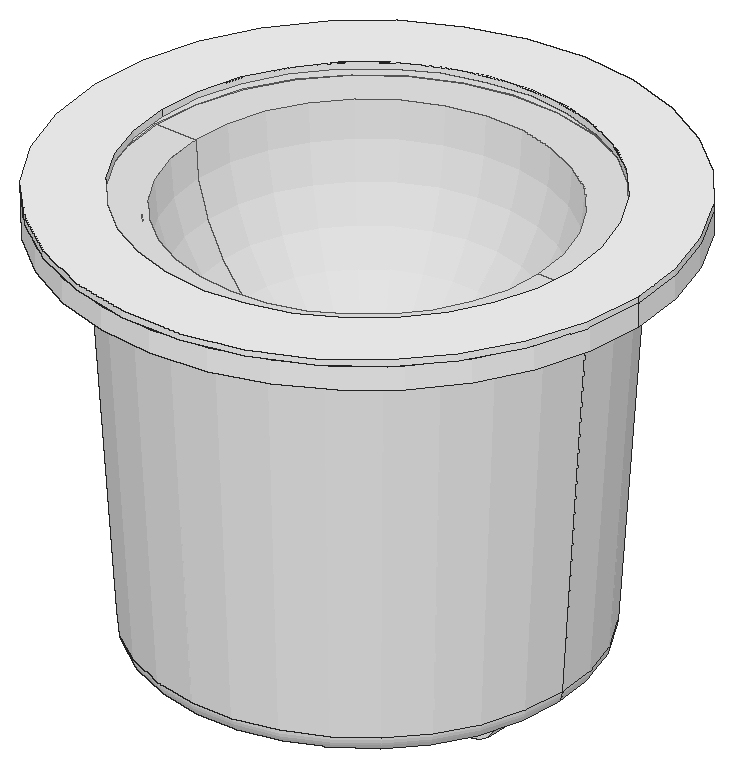
Revit family "2058892 Feilo Sylvania Lighting Fixture MYRD IP FL 2-7K PHDM BLK WBEZ", category Lighting Fixtures, host Face, Revit 2017
Family settings
  Host = Face
  Round Connector Dimension = Use Diameter
  Part Type = Normal
  OmniClass Number = 23.80.70.11.17
  OmniClass Title = Specialized Lighting by Location or Use
  Cut with Voids When Loaded = No
  Light Source = Yes
  Shared = No
  Room Calculation Point = No
Parameters
  Weight = "0.44 kg"
  Wattage = 15 W
  WarrantyStartDate [instance] = "n/a"
  WarrantyGuarantorParts = "n/a"
  WarrantyDurationUnit = "n/a"
  WarrantyDurationParts = "n/a"
  WarrantyDescription = "n/a"
  built-in parameter 1150110 = 1 (stored number, unit not read)
  Voltage = 230 V
  URL = "http://www.sylvania-lighting.com"
  TypeName = "MYRD IP FL 2.7K PHDM BLK WBEZ"
  Type Image = 0
  Type Comments = ""
  built-in parameter 1114217 = 1 (stored number, unit not read)
  Tilt Angle = -90°
  built-in parameter 1150109 = 1 (stored number, unit not read)
  built-in parameter 1150134 = (empty or 0)
  built-in parameter 1150113 = 1 (stored number, unit not read)
  SerialNumber [instance] = "n/a"
  Reflector Radius = Cutout Diameter / 2 - 2.5 mm  # 35.0 mm
  Reflector Material = Aluminum_Sylvania_Myriad_Bright
  Recessed Depth = Height  # 72.0 mm
  PowerFactor = 0
  PowerConsumption = "15 W"
  Photometric Web File = ""
  NominalWidth = 0.0 mm
  NominalLength = 76.0 mm
  NominalHeight = 72.0 mm
  Name = "MYRD IP FL 2.7K PHDM BLK WBEZ"
  ModelReference = "MYRD IP FL 2.7K PHDM BLK WBEZ"
  ModelNumber = "2058892"
  Material = "Aluminium"
  ManufacturerName = "Feilo Sylvania"
  LuminousEfficacy = "57 lm/W"
  LuminaireType = "Ceiling recessed"
  LightOutputRatio = "1"
  LampsType = Lamp  # "LED"
  LampNominalLuminous = "889 lm"
  LampMacAdamStep = "n/a"
  LampColourTemperature = "2700 K"
  LampColourRenderingIndex = "n/a"
  Keynote = "16500"
  Keynote_2 = "16500"
  InstallationDate [instance] = "n/a"
  InputVoltage = "230-240V~"
  InputNominalFrequency = "50/60 Hz"
  IngressProtection = "IP65"
  ImpactProtectionIndex = "IK02"
  IfcExportType = "IfcLightFixtureType"
  IfcExportAs = "IfcLightFixtureType"
  Height = 72.0 mm  # constant formula
  ExpectedLife = 50000
  Emit from Circle Diameter = Accessory Inner Diameter 2  # 68.0 mm
  Emit Shape Visible in Rendering = no
  ElectricShockClassification = "Class II"
  DurationUnit = "hours"
  DocumentationLiterature = "http://www.sylvania-lighting.com/product/en-int/products/2058892"
  DimmingControlOptions = "Dimmable"
  Diffuser Material = Glass_Sylvania_Myriad_Clear_4000K
  Diffuser Diameter = Cutout Diameter  # 75.0 mm
  Cutout Diameter = 75.0 mm  # constant formula
  CreatedOn = "03-11-2017"
  CreatedBy = ""
  Cost = 0
  built-in parameter 1114216 [instance] = 1 (stored number, unit not read)
  built-in parameter 1150142 = (empty or 0)
  Model = "MYRD IP FL 2.7K PHDM BLK WBEZ"
  Manufacturer = "Feilo Sylvania"  # constant formula
  built-in parameter 1150105 = 68.039 (stored number, unit not read)
  Lumens = 855 lm
  built-in parameter 1150115 = 1 (stored number, unit not read)
  built-in parameter 1150137 = (empty or 0)
  built-in parameter 1150139 = (empty or 0)
  built-in parameter 1150112 = 1 (stored number, unit not read)
  built-in parameter 1150114 = 1 (stored number, unit not read)
  Lamp = "LED"
  built-in parameter 1150132 = (empty or 0)
  built-in parameter 1150102 = (empty or 0)
  built-in parameter 1150107 = 2700 (stored number, unit not read)
  built-in parameter 1150138 = (empty or 0)
  built-in parameter 1150106 = 0.68039 (stored number, unit not read)
  built-in parameter 1150104 = 5.2955 (stored number, unit not read)
  Dimming Lamp Color Temperature Shift = (empty or 0)
  Description = "Supplied complete with electronic control gear Compact Fluorescent low energy downlight Emergency version passes through the cut out Ideal for low level orientation lighting New range of Architectural accessories each providing a different lit dimension New completely flush plaster up accessory ring for clean ceiling lines and smooth finish Order lamp separately"  # constant formula
  Default Elevation = 0.0 mm
  Color Filter = 16777215
  built-in parameter 1140040 [instance] = 1
  Body Radius = Reflector Radius + 1.5 mm  # 36.5 mm
  Body Material = Aluminum_Sylvania_Myriad_Gray
  BarCode [instance] = "n/a"
  built-in parameter 1114218 = 1 (stored number, unit not read)
  built-in parameter 1150133 = 10 (stored number, unit not read)
  AssetType = "Fixed"
  AssetIdentifier [instance] = "n/a"
  Assembly Code = "D5020200"
  Apparent Load = 15 VA
  Accessory Material = Aluminum_Sylvania_Myriad_White
  Accessory Inner Diameter 2 = Accessory Diameter - 22.0 mm  # 68.0 mm
  Accessory Inner Diameter 1 = Accessory Diameter - 2.0 mm  # 88.0 mm
  Accessory Diameter = Cutout Diameter + 15.0 mm  # 90.0 mm
Reference planes
  plane 1 "Center (Front/Back)": y = 0
  plane 2: z = 0
  plane 3 "Center (Left/Right)": x = 0
  plane 4: z = 2
  plane 5 "Fixture Bottom": z = 4.5
  plane 6: z = -28.5
  plane 7: z = -61.5
  plane 8 "Fixture Top": z = -67.5
  plane 9: z = 3.5
Forms (mm)
  Revolve 1, solid, material "Aluminum_Sylvania_Myriad_Bright" <- "Reflector Material", detail levels fine
    sketch origin (0, 0, 0) x (1, 0, 0) y (0, 0, 1)
      loop
        line (0, -27.515) -> (-6, -27.515)
        arc (-6, -27.515) -> (-22.333, -16.632) -> (-28.5, 2) r 30.135
        line (-28.5, 2) -> (-35, 2) -> (-35, 0) -> (-29.184, 0)
        arc (-29.184, 0) -> (-22.423, -18.18) -> (-6, -28.5) r 30.204
        line (-6, -28.5) -> (0, -28.5) -> (0, -27.515)
      axis (0, -28.5) -> (0, 2)
    angle from 0 to 360
  Revolve 2, solid, material "Aluminum_Sylvania_Myriad_Gray" <- "Body Material", detail levels fine
    sketch origin (0, 0, 0) x (1, 0, 0) y (0, 0, 1)
      loop
        line (-44, 2) -> (-44, 0) -> (-36.5, 0) -> (-32.42, -58.708)
        arc (-32.42, -58.708) -> (-31.474, -60.694) -> (-29.428, -61.5) r 3
        line (-29.428, -61.5) -> (0, -61.5) -> (0, -28.5) -> (-6, -28.5)
        arc (-6, -28.5) -> (-22.423, -18.18) -> (-29.184, 0) r 30.204
        line (-29.184, 0) -> (-35, 0) -> (-35, 2) -> (-44, 2)
      axis (0, 2) -> (0, -61.5)
    angle from 0 to 360
  Extrusion 3, solid, material "Aluminum_Sylvania_Myriad_Gray" <- "Body Material", detail levels fine
    sketch origin (0, 0, 0) x (1, 0, 0) y (0, 0, 1)
      loop
        line (-13.5, -67.5) -> (21, -67.5)
        arc (21, -67.5) -> (23.828, -66.328) -> (25, -63.5) r 4
        line (25, -63.5) -> (25, -61.5) -> (-17.5, -61.5) -> (-17.5, -63.5)
        arc (-17.5, -63.5) -> (-16.328, -66.328) -> (-13.5, -67.5) r 4
    from -4.5 to 4.5
  Extrusion 4, solid, material "Aluminum_Sylvania_Myriad_White" <- "Accessory Material", detail levels fine
    sketch origin (0, 0, 0) x (1, 0, 0) y (0, 1, 0)
      loop
        circle (0, 0) r 45
      loop
        circle (0, 0) r 44
    from 0 to 3.5
  Extrusion 5, solid, material "Aluminum_Sylvania_Myriad_White" <- "Accessory Material", detail levels fine
    sketch origin (0, 0, 0) x (1, 0, 0) y (0, 1, 0)
      loop
        circle (0, 0) r 45
      loop
        circle (0, 0) r 34
    from 3.5 to 4.5
  Extrusion 6, solid, material "Aluminum_Sylvania_Myriad_White" <- "Accessory Material", detail levels coarse+medium
    sketch origin (0, 0, 0) x (1, 0, 0) y (0, 1, 0)
      loop
        circle (0, 0) r 45
    from 0 to 4.5
  Revolve 7, solid, detail levels coarse+medium
    sketch origin (0, 0, 0) x (1, 0, 0) y (0, 0, 1)
      loop
        line (36.5, 0) -> (0, 0) -> (0, -61.5) -> (32.226, -61.5) -> (36.5, 0)
      axis (0, 0) -> (0, -61.5)
    angle from 0 to 360
  Extrusion 8, void
    sketch origin (0, 0, 0) x (1, 0, 0) y (0, 1, 0)
      loop
        circle (0, 0) r 37.5
    from -67.5 to 0
  Extrusion 9, solid, material "Glass_Sylvania_Myriad_Clear_4000K" <- "Diffuser Material", detail levels fine
    sketch origin (0, 0, 0) x (1, 0, 0) y (0, 1, 0)
      loop
        circle (0, 0) r 37.5
    from 2 to 3.5
Cuts and joins
  joined: Extrusion 4, Extrusion 5
Lines and regions (mm)
  Masking region 1
    outline origin (0, 0, 0) x (1, 0, 0) y (0, 1, 0)
      loop
        circle (0, 0) r 45
  symbolic lines
    curve 1: arc (-34, 0, 0) -> (0, 34, 0) -> (34, 0, 0) r 34
    curve 2: arc (34, 0, 0) -> (0, -34, 0) -> (-34, 0, 0) r 34
Dimensions and locks
  locked: plane 7 to plane 8 "Fixture Top" at 6
  "Body Radius": Revolve 7 sketch curve to plane 3 "Center (Left/Right)"
  locked: Revolve 7 sketch curve to Revolve 7 sketch curve at 4.274
  plane 5 "Fixture Bottom" to plane 9 to plane 4 to plane 2 to plane 6 = 1.0 mm locked, 1.5 mm locked, 2.0 mm locked, 28.5 mm locked
  "Reflector Radius": Revolve 1 sketch curve to plane 3 "Center (Left/Right)"
  Revolve 1 sketch curve to Revolve 1 sketch curve to Revolve 1 sketch curve to Revolve 1 sketch curve = 6.5 mm locked, 22.5 mm locked, 0.0 mm locked
  "Reflector Radius": plane 3 "Center (Left/Right)" to Revolve 2 sketch curve
  Revolve 2 sketch curve to Revolve 2 sketch curve to Revolve 2 sketch curve = 7.5 mm locked, 1.5 mm locked
  Revolve 2 sketch curve to Revolve 2 sketch curve to Revolve 2 sketch curve = 5.816 mm locked, 23.184 mm locked
  Revolve 2 sketch curve to Revolve 2 sketch curve to Revolve 2 sketch curve = 2.58 mm locked, 2.993 mm locked
  "Accessory Diameter": diameter of Extrusion 4 sketch curve
  "Accessory Inner Diameter 1": diameter of Extrusion 4 sketch curve
  "Accessory Diameter": diameter of Extrusion 5 sketch curve
  "Accessory Diameter": diameter of Extrusion 6 sketch curve
  "Cutout Diameter": diameter of Extrusion 8 sketch curve
  "Accessory Inner Diameter 2": diameter of Extrusion 5 sketch curve
  "Diffuser Diameter": diameter of Extrusion 9 sketch curve
  aligned and locked: plane 2 to host face
  aligned and locked: level to host face
  aligned and locked: plane 1 "Center (Front/Back)" to imposter light
  aligned and locked: plane 3 "Center (Left/Right)" to imposter light
  aligned and locked: Revolve 1 sketch curve to imposter light
  aligned and locked: Extrusion 3 sketch curve to plane 8 "Fixture Top"
  aligned and locked: plane 7 to Extrusion 3 sketch curve
  aligned and locked: Extrusion 4 to plane 2
  aligned and locked: plane 9 to Extrusion 4
  aligned and locked: Extrusion 5 to plane 9
  aligned and locked: plane 5 "Fixture Bottom" to Extrusion 5
  aligned and locked: Extrusion 6 to plane 2
  aligned and locked: plane 5 "Fixture Bottom" to Extrusion 6
  aligned and locked: Extrusion 8 to plane 8 "Fixture Top"
  aligned and locked: plane 2 to Extrusion 8
  aligned and locked: Masking region 1 sketch curve to Extrusion 6  (x2)
  aligned and locked: Extrusion 9 to plane 4
  aligned and locked: plane 9 to Extrusion 9
  aligned and locked: plane 4 to Revolve 2 sketch curve
  aligned and locked: Revolve 2 sketch curve to plane 2
  aligned and locked: curve 1 to cut or joined group of Extrusion 4, Extrusion 5
  aligned and locked: curve 2 to cut or joined group of Extrusion 4, Extrusion 5
  aligned and locked: imposter light to plane 5 "Fixture Bottom"
Automatic sketch dimensions
  host sketch curve to host sketch curve = 1305.563 mm
  host sketch curve to host sketch curve = 1283.632 mm
  Extrusion 3 sketch curve to plane 7 = 2.0 mm
  Extrusion 3 sketch curve to plane 3 "Center (Left/Right)" = 13.5 mm
  plane 3 "Center (Left/Right)" to Extrusion 3 sketch curve = 21.0 mm
  Extrusion 3 sketch curve to Extrusion 3 sketch curve = 4.0 mm
  Revolve 1 sketch curve to level = 0.0 mm
  Revolve 1 sketch curve to plane 3 "Center (Left/Right)" = 0.0 mm
  Revolve 1 sketch curve to plane 6 = 0.0 mm
  Revolve 1 sketch curve to plane 4 = 0.0 mm
  Revolve 1 sketch curve to Revolve 1 sketch curve = 0.684 mm
  level to Revolve 1 sketch curve = 0.88 mm
  Revolve 1 sketch curve to plane 4 = 0.363 mm
  Revolve 1 sketch curve to Revolve 1 sketch curve = 0.625 mm
  Revolve 1 sketch curve to plane 8 "Fixture Top" = 232.8 mm
  plane 5 "Fixture Bottom" to Revolve 1 sketch curve = 291.243 mm
  Revolve 2 sketch curve to plane 3 "Center (Left/Right)" = 0.0 mm  (x2)
  Revolve 2 sketch curve to plane 7 = 0.0 mm
  Revolve 2 sketch curve to plane 6 = 0.0 mm
  Revolve 2 sketch curve to level = 0.0 mm
  level to Revolve 2 sketch curve = 0.88 mm
  plane 7 to Revolve 2 sketch curve = 2.792 mm
  Revolve 2 sketch curve to plane 8 "Fixture Top" = 304.774 mm
  plane 5 "Fixture Bottom" to Revolve 2 sketch curve = 1137.105 mm
  Extrusion 4 sketch curve to Extrusion 4 sketch curve = 0.0 mm  (x2)
  plane 1 "Center (Front/Back)" to Extrusion 4 sketch curve = 0.0 mm
  Extrusion 4 sketch curve to plane 3 "Center (Left/Right)" = 0.0 mm
  Extrusion 5 sketch curve to Extrusion 5 sketch curve = 0.0 mm  (x2)
  plane 1 "Center (Front/Back)" to Extrusion 5 sketch curve = 0.0 mm
  Extrusion 5 sketch curve to plane 3 "Center (Left/Right)" = 0.0 mm
  plane 1 "Center (Front/Back)" to Extrusion 6 sketch curve = 0.0 mm
  Extrusion 6 sketch curve to plane 3 "Center (Left/Right)" = 0.0 mm
  Revolve 7 sketch curve to level = 0.0 mm
  Revolve 7 sketch curve to plane 3 "Center (Left/Right)" = 0.0 mm  (x2)
  Revolve 7 sketch curve to plane 7 = 0.0 mm
  Revolve 7 sketch curve to plane 8 "Fixture Top" = 304.774 mm
  plane 5 "Fixture Bottom" to Revolve 7 sketch curve = 43.226 mm
  plane 1 "Center (Front/Back)" to Extrusion 8 sketch curve = 0.0 mm
  Extrusion 8 sketch curve to plane 3 "Center (Left/Right)" = 0.0 mm
  plane 1 "Center (Front/Back)" to Extrusion 9 sketch curve = 0.0 mm
  Extrusion 9 sketch curve to plane 3 "Center (Left/Right)" = 0.0 mm
Connectors
  electrical at (-0.006, -0.019, -67.5), driven by "Apparent Load", driven by "Apparent Load"
    settings: on plane 8 "Fixture Top", index 1, voltage 230 V, apparent load 15 VA, apparent load phase1 15 VA, apparent load phase2 0 VA, apparent load phase3 0 VA, power factor 1, load classification "Lighting", number of poles 1, system type 30, power factor state 1, is connector primary yes, connector utility no, sub classification motor no, connector description ""
